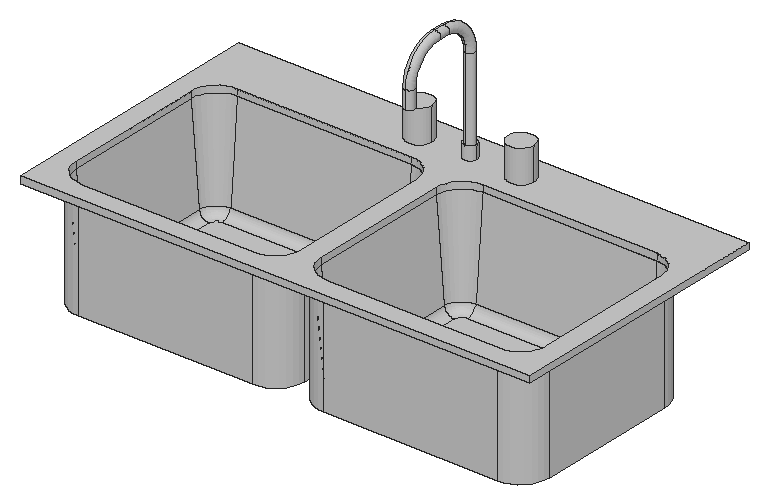
Revit family "M_Sink Kitchen-Double", category 위생기구, Revit 2026
Family settings
  원형 커넥터 치수 = 지름 사용
  부품 유형 = 보통
  작업 기준면 기반 = 아니오
  뷰에서 절단 사용 = 아니오
  항상 수직 = 예
  로드될 때 보이드를 사용하여 절단 = 아니오
  주석 방향 유지 = 아니오
  공유 = 예
  룸 계산 점 = 아니오
Parameters (values of type "1000 x 535mm")
  기본 높이 = 0 mm
  Counter Height [instance] = 900 mm
  Depth = 535 mm
  Fixture Material = Metal - Steel, Polished
  Sink Material = Metal - Steel, Polished
  Width = 1000 mm
Reference planes
  plane 1 "Center (Front/Back)": y = -35.755
  plane 2: z = 0
  plane 3 "Center (Left/Right)": x = 15.689
  plane 4: y = 269.845
  plane 5: y = -265.155
  plane 6: x = -484.311
  plane 7: x = 515.689
  plane 8 "Top Of Counter": z = 900
  plane 9: z = 912.7
  plane 10: z = 684.1
  plane 11: y = 155.545
  plane 12: x = -446.211
  plane 13: y = -227.055
  plane 14: x = 477.589
  plane 15: x = -84.311
  plane 16: x = 115.689
  plane 17: y = 212.695
  plane 18: y = 212.695
  plane 19: y = 212.695
  plane 20: z = 1163.525
  plane 21: y = 63.47
  plane 22: z = 976.2
  plane 23: z = 938.1
  plane 24: x = -3.361
  plane 25: x = 34.739
  plane 26: x = -215.261
  plane 27: x = 246.639
Forms (mm)
  Extrusion 1, solid, material "Metal - Steel, Polished" <- "Sink Material"
    sketch origin (0, 0, 0) x (1, 0, 0) y (0, 1, 0)
      loop
        line (-484.311, 269.845) -> (-484.311, -265.155) -> (515.689, -265.155) -> (515.689, 269.845) -> (-484.311, 269.845)
      loop
        arc (-395.411, 155.545) -> (-431.332, 140.666) -> (-446.211, 104.745) r 50.8
        line (-446.211, 104.745) -> (-446.211, -176.255)
        arc (-446.211, -176.255) -> (-431.332, -212.176) -> (-395.411, -227.055) r 50.8
        line (-395.411, -227.055) -> (-54.161, -227.055)
        arc (-54.161, -227.055) -> (-18.24, -212.176) -> (-3.361, -176.255) r 50.8
        line (-3.361, -176.255) -> (-3.361, 104.745)
        arc (-3.361, 104.745) -> (-18.24, 140.666) -> (-54.161, 155.545) r 50.8
        line (-54.161, 155.545) -> (-395.411, 155.545)
      loop
        arc (426.789, -227.055) -> (462.71, -212.176) -> (477.589, -176.255) r 50.8
        line (477.589, -176.255) -> (477.589, 104.745)
        arc (477.589, 104.745) -> (462.71, 140.666) -> (426.789, 155.545) r 50.8
        line (426.789, 155.545) -> (85.539, 155.545)
        arc (85.539, 155.545) -> (49.618, 140.666) -> (34.739, 104.745) r 50.8
        line (34.739, 104.745) -> (34.739, -176.255)
        arc (34.739, -176.255) -> (49.618, -212.176) -> (85.539, -227.055) r 50.8
        line (85.539, -227.055) -> (426.789, -227.055)
    from 900 to 912.7
  Sweep 2, solid, material "Metal - Steel, Polished" <- "Sink Material"
    path origin (0, 0, 0) x (1, 0, 0) y (0, 1, 0)
      loop
        arc (-395.411, 155.545) -> (-431.332, 140.666) -> (-446.211, 104.745) r 50.8
        line (-446.211, 104.745) -> (-446.211, -176.255)
        arc (-446.211, -176.255) -> (-431.332, -212.176) -> (-395.411, -227.055) r 50.8
        line (-395.411, -227.055) -> (-54.161, -227.055)
        arc (-54.161, -227.055) -> (-18.24, -212.176) -> (-3.361, -176.255) r 50.8
        line (-3.361, -176.255) -> (-3.361, 104.745)
        arc (-3.361, 104.745) -> (-18.24, 140.666) -> (-54.161, 155.545) r 50.8
        line (-54.161, 155.545) -> (-395.411, 155.545)
    profile origin (-224.786, 0, 0) x (0, 1, 0) y (0, 0, 1)
      loop
        line (155.545, 900) -> (139.011, 711.015)
        arc (139.011, 711.015) -> (132.904, 698.63) -> (120.034, 693.625) r 19.05
        line (120.034, 693.625) -> (117.445, 693.625) -> (117.445, 684.1) -> (161.895, 684.1) -> (161.895, 900) -> (155.545, 900)
  Extrusion 3, solid, material "Metal - Steel, Polished" <- "Sink Material"
    sketch origin (0, 0, 0) x (1, 0, 0) y (0, 1, 0)
      loop
        arc (-395.411, 117.445) -> (-404.391, 113.726) -> (-408.111, 104.745) r 12.7
        line (-408.111, 104.745) -> (-408.111, -176.255)
        arc (-408.111, -176.255) -> (-404.391, -185.235) -> (-395.411, -188.955) r 12.7
        line (-395.411, -188.955) -> (-54.161, -188.955)
        arc (-54.161, -188.955) -> (-45.181, -185.235) -> (-41.461, -176.255) r 12.7
        line (-41.461, -176.255) -> (-41.461, 104.745)
        arc (-41.461, 104.745) -> (-45.181, 113.726) -> (-54.161, 117.445) r 12.7
        line (-54.161, 117.445) -> (-395.411, 117.445)
      loop
        circle (-215.261, -35.755) r 25.4
    from 684.1 to 693.625
  Extrusion 4, solid, material "Metal - Steel, Polished" <- "Fixture Material"
    sketch origin (0, 0, 0) x (1, 0, 0) y (0, 1, 0)
      loop
        circle (-84.311, 212.695) r 25.4
      loop
        circle (115.689, 212.695) r 25.4
    from 912.7 to 976.2
  Sweep 5, solid, material "Metal - Steel, Polished" <- "Fixture Material"
    path origin (15.689, 0, 0) x (0, 1, 0) y (0, 0, 1)
      loop
        line (212.695, 912.7) -> (212.695, 1100.025)
        arc (212.695, 1100.025) -> (194.097, 1144.926) -> (149.195, 1163.525) r 63.5
        line (149.195, 1163.525) -> (126.97, 1163.525)
        arc (126.97, 1163.525) -> (82.069, 1144.926) -> (63.47, 1100.025) r 63.5
        line (63.47, 1100.025) -> (63.47, 1065.1)
    profile origin (15.689, 0, 1006.363) x (0, -1, 0) y (1, 0, 0)
      loop
        circle (-212.695, 0) r 9.525
  Extrusion 6, solid, material "Metal - Steel, Polished" <- "Fixture Material"
    sketch origin (0, 0, 0) x (1, 0, 0) y (0, 1, 0)
      loop
        circle (15.689, 212.695) r 12.7
    from 912.7 to 938.1
  Sweep 7, solid, material "Metal - Steel, Polished" <- "Sink Material"
    path origin (31.378, 0, 0) x (-1, 0, 0) y (0, -1, 0)
      loop
        line (-395.411, -155.545) -> (-54.161, -155.545)
        arc (-54.161, -155.545) -> (-18.24, -140.666) -> (-3.361, -104.745) r 50.8
        line (-3.361, -104.745) -> (-3.361, 176.255)
        arc (-3.361, 176.255) -> (-18.24, 212.176) -> (-54.161, 227.055) r 50.8
        line (-54.161, 227.055) -> (-395.411, 227.055)
        arc (-395.411, 227.055) -> (-431.332, 212.176) -> (-446.211, 176.255) r 50.8
        line (-446.211, 176.255) -> (-446.211, -104.745)
        arc (-446.211, -104.745) -> (-431.332, -140.666) -> (-395.411, -155.545) r 50.8
    profile origin (256.164, 0, 0) x (0, -1, 0) y (0, 0, 1)
      loop
        line (-155.545, 900) -> (-161.895, 900) -> (-161.895, 684.1) -> (-117.445, 684.1) -> (-117.445, 693.625) -> (-120.034, 693.625)
        arc (-120.034, 693.625) -> (-132.904, 698.63) -> (-139.011, 711.015) r 19.05
        line (-139.011, 711.015) -> (-155.545, 900)
  Extrusion 8, solid, material "Metal - Steel, Polished" <- "Sink Material"
    sketch origin (0, 0, 0) x (1, 0, 0) y (0, 1, 0)
      loop
        arc (85.539, 120.034) -> (76.559, 116.314) -> (72.839, 107.334) r 12.7
        line (72.839, 107.334) -> (72.839, -176.255)
        arc (72.839, -176.255) -> (76.559, -185.235) -> (85.539, -188.955) r 12.7
        line (85.539, -188.955) -> (426.789, -188.955)
        arc (426.789, -188.955) -> (435.769, -185.235) -> (439.489, -176.255) r 12.7
        line (439.489, -176.255) -> (439.489, 107.334)
        arc (439.489, 107.334) -> (435.769, 116.314) -> (426.789, 120.034) r 12.7
        line (426.789, 120.034) -> (85.539, 120.034)
      loop
        circle (246.639, -35.755) r 25.4
    from 684.1 to 693.625
Cuts and joins
  joined: Sweep 5, Extrusion 6
  joined: Sweep 2, Extrusion 3
  joined: Sweep 7, Extrusion 8
Lines and regions (mm)
  Masking region 1
    outline origin (0, 0, 900) x (0, -1, 0) y (1, 0, 0)
      loop
        line (-269.845, -484.311) -> (265.155, -484.311) -> (265.155, 515.689) -> (-269.845, 515.689) -> (-269.845, -484.311)
  symbolic lines
    curve 1: line (-446.211, 104.745, 900) -> (-446.211, -176.255, 900)
    curve 2: line (-395.411, -227.055, 900) -> (-54.161, -227.055, 900)
    curve 3: line (477.589, -176.255, 900) -> (477.589, 104.745, 900)
    curve 4: line (426.789, 155.545, 900) -> (85.539, 155.545, 900)
    curve 5: arc (477.589, 104.745, 900) -> (462.71, 140.666, 900) -> (426.789, 155.545, 900) r 50.8
    curve 6: arc (426.789, -227.055, 900) -> (462.71, -212.176, 900) -> (477.589, -176.255, 900) r 50.8
    curve 7: arc (-446.211, -176.255, 900) -> (-431.332, -212.176, 900) -> (-395.411, -227.055, 900) r 50.8
    curve 8: arc (-395.411, 155.545, 900) -> (-431.332, 140.666, 900) -> (-446.211, 104.745, 900) r 50.8
    curve 9: arc (28.389, 212.695, 900) -> (15.689, 225.395, 900) -> (2.989, 212.695, 900) r 12.7
    curve 10: line (2.989, 212.695, 900) -> (2.989, 15.045, 900)
    curve 11: line (28.389, 212.695, 900) -> (28.389, 15.045, 900)
    curve 12: arc (28.389, 15.045, 900) -> (15.689, 2.345, 900) -> (2.989, 15.045, 900) r 12.7
    curve 13: line (-3.361, 104.745, 900) -> (-3.361, -176.255, 900)
    curve 14: line (34.739, 104.745, 900) -> (34.739, -176.255, 900)
    curve 15: line (85.539, -227.055, 900) -> (426.789, -227.055, 900)
    curve 16: line (-54.161, 155.545, 900) -> (-395.411, 155.545, 900)
    curve 17: arc (85.539, 155.545, 900) -> (49.618, 140.666, 900) -> (34.739, 104.745, 900) r 50.8
    curve 18: arc (34.739, -176.255, 900) -> (49.618, -212.176, 900) -> (85.539, -227.055, 900) r 50.8
    curve 19: arc (-3.361, -176.255, 900) -> (-18.24, -212.176, 900) -> (-54.161, -227.055, 900) r 50.8
    curve 20: arc (-3.361, 104.745, 900) -> (-18.24, 140.666, 900) -> (-54.161, 155.545, 900) r 50.8
    curve 21: arc (-240.661, -35.755, 900) -> (-215.261, -10.355, 900) -> (-189.861, -35.755, 900) r 25.4
    curve 22: arc (-189.861, -35.755, 900) -> (-215.261, -61.155, 900) -> (-240.661, -35.755, 900) r 25.4
    curve 23: arc (221.239, -35.755, 900) -> (246.639, -10.355, 900) -> (272.039, -35.755, 900) r 25.4
    curve 24: arc (272.039, -35.755, 900) -> (246.639, -61.155, 900) -> (221.239, -35.755, 900) r 25.4
    curve 25: arc (-58.911, 212.695, 900) -> (-84.311, 238.095, 900) -> (-109.711, 212.695, 900) r 25.4
    curve 26: arc (-109.711, 212.695, 900) -> (-84.311, 187.295, 900) -> (-58.911, 212.695, 900) r 25.4
    curve 27: arc (141.089, 212.695, 900) -> (115.689, 238.095, 900) -> (90.289, 212.695, 900) r 25.4
    curve 28: arc (90.289, 212.695, 900) -> (115.689, 187.295, 900) -> (141.089, 212.695, 900) r 25.4
Dimensions and locks
  equal spacing: plane 6, plane 3 "Center (Left/Right)", plane 7
  "Width": plane 6 to plane 7
  "Depth": plane 5 to plane 4
  "Counter Height": plane 8 "Top Of Counter" to plane 2
  locked: plane 9 to plane 8 "Top Of Counter" at 12.7
  locked: plane 8 "Top Of Counter" to plane 10 at 215.9
  locked: plane 6 to plane 12 at 38.1
  locked: plane 14 to plane 7 at 38.1
  locked: plane 11 to plane 4 at 114.3
  locked: plane 5 to plane 13 at 38.1
  equal spacing: plane 11, plane 17, plane 4
  equal spacing: plane 11, plane 18, plane 4
  equal spacing: plane 4, plane 19, plane 11
  locked: plane 19 to plane 21 at 149.225
  locked: plane 20 to plane 9 at 250.825
  locked: plane 22 to plane 9 at 63.5
  locked: plane 23 to plane 9 at 25.4
  plane 24 to plane 3 "Center (Left/Right)" to plane 25 = 19.05 mm locked, 19.05 mm locked
  equal spacing: plane 12, plane 26, plane 3 "Center (Left/Right)"
  equal spacing: plane 3 "Center (Left/Right)", plane 27, plane 14
  equal spacing: plane 13, plane 1 "Center (Front/Back)", plane 11
  locked: plane 15 to plane 3 "Center (Left/Right)" at 100
  locked: plane 3 "Center (Left/Right)" to plane 16 at 100
  aligned and locked: Extrusion 1 sketch curve to plane 5
  aligned and locked: plane 7 to Extrusion 1 sketch curve
  aligned and locked: plane 4 to Extrusion 1 sketch curve
  aligned and locked: Extrusion 1 sketch curve to plane 6
  aligned and locked: plane 8 "Top Of Counter" to Extrusion 1
  aligned and locked: Extrusion 1 to plane 9
  aligned and locked: plane 11 to Extrusion 1 sketch curve
  aligned and locked: plane 14 to Extrusion 1 sketch curve
  aligned and locked: Extrusion 1 sketch curve to plane 12
  aligned and locked: Extrusion 1 sketch curve to plane 13
  aligned and locked: plane 11 to Sweep 2 sketch curve
  aligned and locked: Sweep 2 sketch curve to plane 12
  aligned and locked: Sweep 2 sketch curve to plane 13
  aligned and locked: Sweep 2 to Extrusion 3 sketch curve  (x4)
  aligned and locked: plane 10 to Extrusion 3
  aligned and locked: Sweep 2 sketch curve to plane 10
  aligned and locked: plane 8 "Top Of Counter" to Sweep 2 sketch curve
  aligned and locked: Extrusion 4 to Extrusion 1
  aligned and locked: Extrusion 6 to Extrusion 1
  aligned and locked: Sweep 5 sketch curve to plane 19
  aligned and locked: plane 20 to Sweep 5 sketch curve
  aligned and locked: plane 21 to Sweep 5 sketch curve
  aligned and locked: Extrusion 4 to plane 22
  aligned and locked: Extrusion 6 to plane 23
  aligned and locked: Sweep 2 sketch curve to Extrusion 1
  aligned and locked: Sweep 7 sketch curve to plane 14
  aligned and locked: Sweep 7 sketch curve to Extrusion 1
  aligned and locked: Sweep 7 sketch curve to plane 11
  aligned and locked: plane 13 to Sweep 7 sketch curve
  aligned and locked: Extrusion 8 to Sweep 2
  aligned and locked: plane 10 to Extrusion 8
  aligned and locked: curve 21 to Extrusion 3
  aligned and locked: curve 23 to Extrusion 8
  aligned and locked: Extrusion 8 sketch curve to Sweep 7
  aligned and locked: Sweep 7 sketch curve to plane 8 "Top Of Counter"
  aligned and locked: plane 10 to Sweep 7 sketch curve
  aligned and locked: plane 7 to Masking region 1 sketch curve
  aligned and locked: plane 4 to Masking region 1 sketch curve
  aligned and locked: Masking region 1 sketch curve to plane 6
  aligned and locked: Masking region 1 sketch curve to plane 5
  aligned and locked: plane 15 to Extrusion 4 sketch curve
  aligned and locked: plane 17 to Extrusion 4 sketch curve  (x2)
  aligned and locked: plane 16 to Extrusion 4 sketch curve
  aligned and locked: curve 25 to Extrusion 4
  aligned and locked: curve 27 to Extrusion 4
  aligned and locked: Sweep 7 to Extrusion 3
Automatic sketch dimensions
  Sweep 2 sketch curve to profile plane = 0 mm
  profile plane to Sweep 2 sketch curve = 16.534 mm
  Sweep 2 sketch curve to Sweep 2 sketch curve = 18.978 mm
  Sweep 2 sketch curve to Sweep 2 sketch curve = 2.588 mm
  Sweep 2 sketch curve to profile plane = 6.35 mm
  Sweep 2 sketch curve to Sweep 2 sketch curve = 9.525 mm
  Sweep 2 sketch curve to Sweep 2 sketch curve = 17.39 mm
  plane 15 to Extrusion 4 sketch curve = 25.4 mm
  plane 16 to Extrusion 4 sketch curve = 25.4 mm
  Sweep 5 sketch curve to plane 3 "Center (Left/Right)" = 0 mm
  Sweep 5 sketch curve to profile plane = 0 mm
  profile plane to Sweep 5 sketch curve = 9.525 mm
  Extrusion 6 sketch curve to plane 18 = 0 mm
  Extrusion 6 sketch curve to plane 3 "Center (Left/Right)" = 0 mm
  Extrusion 6 sketch curve to plane 3 "Center (Left/Right)" = 12.7 mm
  Sweep 5 sketch curve to plane 9 = 0 mm
  Sweep 5 sketch curve to Sweep 5 sketch curve = 63.5 mm
  plane 11 to Sweep 5 sketch curve = 6.35 mm
  Sweep 5 sketch curve to Sweep 5 sketch curve = 34.925 mm
  Extrusion 1 sketch curve to plane 13 = 0 mm
  Extrusion 1 sketch curve to plane 24 = 0 mm
  Extrusion 1 sketch curve to plane 25 = 0 mm
  Extrusion 1 sketch curve to plane 11 = 0 mm
  Extrusion 1 sketch curve to plane 12 = 50.8 mm  (x2)
  Extrusion 1 sketch curve to plane 3 "Center (Left/Right)" = 69.85 mm  (x2)
  plane 3 "Center (Left/Right)" to Extrusion 1 sketch curve = 69.85 mm  (x2)
  plane 14 to Extrusion 1 sketch curve = 50.8 mm
  Extrusion 1 sketch curve to Extrusion 1 sketch curve = 50.8 mm
  Sweep 2 sketch curve to plane 12 = 50.8 mm  (x2)
  Sweep 2 sketch curve to plane 3 "Center (Left/Right)" = 69.85 mm  (x2)
  plane 14 to Sweep 7 sketch curve = 50.8 mm  (x2)
  Sweep 7 sketch curve to Sweep 7 sketch curve = 50.8 mm
  plane 3 "Center (Left/Right)" to Sweep 7 sketch curve = 69.85 mm
  Extrusion 3 sketch curve to plane 1 "Center (Front/Back)" = 0 mm
  Extrusion 3 sketch curve to plane 26 = 0 mm
  Extrusion 3 sketch curve to Extrusion 3 sketch curve = 12.7 mm  (x4)
  plane 26 to Extrusion 3 sketch curve = 25.4 mm
  Extrusion 8 sketch curve to plane 1 "Center (Front/Back)" = 0 mm
  Extrusion 8 sketch curve to plane 27 = 0 mm
  plane 27 to Extrusion 8 sketch curve = 25.4 mm
  plane 3 "Center (Left/Right)" to Extrusion 8 sketch curve = 69.85 mm  (x2)
  Extrusion 8 sketch curve to Extrusion 8 sketch curve = 12.7 mm  (x2)
  plane 11 to Extrusion 8 sketch curve = 48.212 mm
  Extrusion 8 sketch curve to plane 13 = 50.8 mm
  plane 7 to Extrusion 8 sketch curve = 88.9 mm
  Sweep 7 sketch curve to profile plane = 0 mm
  profile plane to Sweep 7 sketch curve = 6.35 mm
  Sweep 7 sketch curve to profile plane = 16.534 mm
  Sweep 7 sketch curve to Sweep 7 sketch curve = 18.978 mm
  Sweep 7 sketch curve to Sweep 7 sketch curve = 2.588 mm
  Sweep 7 sketch curve to Sweep 7 sketch curve = 1.66 mm
  Sweep 7 sketch curve to Sweep 7 sketch curve = 26.915 mm
  curve 17 to plane 11 = 0 mm
  curve 8 to plane 11 = 0 mm
  curve 5 to plane 14 = 0 mm
  curve 1 to plane 12 = 0 mm
  curve 12 to plane 3 "Center (Left/Right)" = 0 mm
  curve 2 to plane 13 = 0 mm
  curve 18 to plane 13 = 0 mm
  plane 4 to curve 11 = 57.15 mm
  plane 11 to curve 5 = 50.8 mm
  plane 11 to curve 8 = 50.8 mm
  curve 13 to plane 3 "Center (Left/Right)" = 19.05 mm
  curve 14 to curve 13 = 0 mm
  curve 11 to plane 1 "Center (Front/Back)" = 50.8 mm
  plane 3 "Center (Left/Right)" to curve 14 = 19.05 mm
  curve 14 to plane 13 = 50.8 mm
  curve 13 to curve 14 = 0 mm
  curve 1 to plane 13 = 50.8 mm
  curve 6 to plane 13 = 50.8 mm
  curve 9 to plane 3 "Center (Left/Right)" = 12.7 mm
  curve 4 to curve 27 = 4.75 mm
